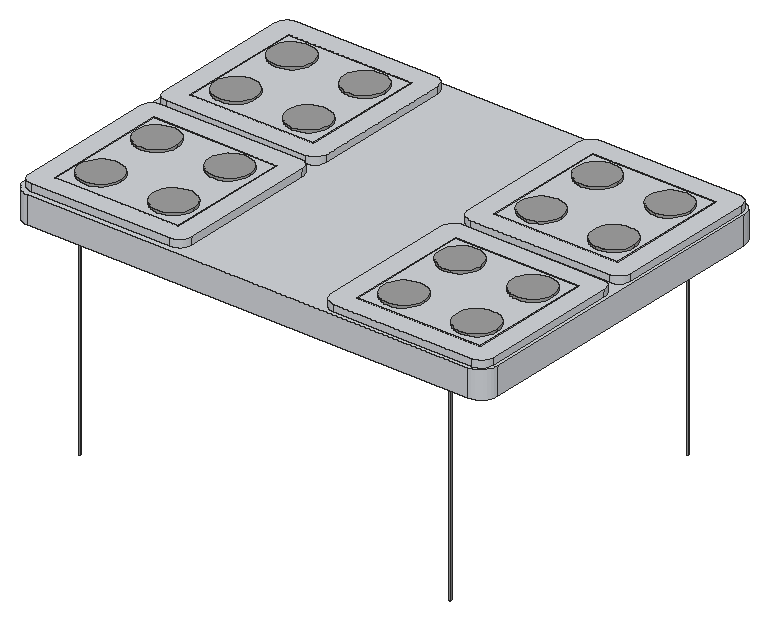
Revit family "LigULing-Industrial-GEWISS-SMART[4]UL_HIGHBAYS-LED_3M", category Apparecchi per illuminazione, Revit 2019
Family settings
  Quota connettore circolare = Usa diametro
  Tipo di parte = Normale
  Numero OmniClass = 23.80.70.00
  Titolo OmniClass = Lighting
  Basato su piano di lavoro = Sì
  Sempre verticale = No
  Taglio con vuoti quando caricato = No
  Sorgente d'illuminazione = No
  Condiviso = No
  Punto di calcolo locali = No
Parameters (values of type "GWS4420GP857 - SMART4HB 4M ST.AL.ON/OFF UL 90° 57K")
  Wiring = "Single wiring with anti-breathing cable exiting metallic PG (NO Connector)"
  Weight (kg): = "13,5"
  Warranty = "5 years"
  Voltaggio = 230 V
  Version file RFA = "20.11"
  Unique digital code (Datamatrix) = "Datamatrix"
  Unified Glare Rating = "UGR - 22"
  URL = "https://www.gewiss.com/ww/en"
  Type of light source = "LED - Not replaceable"
  Tilt- = "With bracket accessory"
  Technical sheet = "https://www.gewiss.com/ww/en/search?q=GWS4420GP857"
  System power = "256W"
  Supply voltage = "120-277 V"
  Stocking temperature = "-"
  Standards and approvals = "-"
  Standard- = "UL 1598 - CSA C22.2 No. 250.0-18"
  Standard Deviation Colour Matching = "SDCM = 3"
  Spostamento_y_etichetta [instance] = 0 mm
  Spostamento_y_effettivo_etichetta [instance] = 1500 mm - Spostamento_y_etichetta  # 1500 mm
  Spostamento_x_etichetta [instance] = 0 mm
  Spostamento_x_effettivo_etichetta [instance] = 1500 mm - Spostamento_x_etichetta  # 1500 mm
  Shock resistance = "IK08"
  Shield type = "Tempered glass Thickness 4mm"
  SEO = ""
  Realized by GEWISS S.p.A. = ""
  Rated frequency (Hz) = "50/60 Hz"
  Produttore = "GEWISS S.p.A."
  Photobiological Risk Class = "RG0"
  Overvoltage protection = "DM 6 kV / CM 10 kV"
  Optic and illuminating features = "-"
  Optic Maintenance = "Non-replaceable"
  Optic : = "Metallic PC reflector and PMMA lenses"
  Optic = "90°"
  Operating temperature : = "-25°C / +40 °C"
  Offset etichetta W [instance] = 150 mm
  Mouting and installation = "Ceiling - Wallmounting - Suspension"
  Model = "GWS4420GP857"
  Maximum surface exposed to the wind : = "0,350 m²"
  Materials = "-"
  Luminaire = "LED Industrial Reflector "
  Lumen output (lm) = "36000"
  Locking Hook = "-"
  Lifetime = "L90B10 (Tq+25°C) = 100.000 h - L90B10 (Tq+40°C) = 50.000 h"
  Lampada = "LED"
  LED Maintenance = "Non-replaceable"
  Insulation class = "I"
  Installationa and maintenance = "-"
  Immagine tipo = GWL1371.jpg
  IPEA = "-"
  IP degree = "IP66"
  IFC.TypeObject = ""
  IFC.ExportType = ""
  IFC.ExportAs = ""
  IDT = "b0b42d5fdd5540d79fb39250799e6b93"
  IDF = "1ac62613-06c3-487e-9fc2-fae050b9d5e3"
  Glow Wire Test : = "850 °C"
  General information = "-"
  Gasket = "anti-aging silicone"
  Fixing = "-"
  External screw = "Stainless steel"
  Etichetta wattaggio [instance] = yes
  Spessore plafoniera = 40 mm  # constant formula
  Default Elevation = 1219.2 mm
  Proiettsmart4_simb [instance] = yes
  Plafoniera_bidimensionale [instance] = not(Proiettsmart4_simb)  # no
  Eletrical and lighting features = "-"
  Electrocod = "2444"
  Efficiency (lm/W) = "141"
  Driver Box = "Built-in"
  Driver = "Included"
  Device with reduced surface temperature = "Yes"
  Description = "SMART[4]HB 4M ST.AL.ON/OFF UL 90° 57K"
  DIN 18032-3 certification = "-"
  Control System : = "ON / OFF"
  Control System = "ON / OFF"
  Context = "Logistics and industrial manufacturing lighting"
  Commenti sul wattaggio = "194W"
  Colour temperature = "5700K"
  Colour : = "Grey RAL 7035"
  Colour = "Grey RAL 7035"
  Color Rendering Index = "CRI-80"
  Classificazione = Lighting
  Classification: = "-"
  Catalogue = "LIGHTING"
  Carico apparente = 194 VA
  Lunghezza = 700 mm  # constant formula
  Larghezza = 504 mm  # constant formula
  Distanza_tot_plafoniera [instance] = 300 mm
  Distanza Sorg_Lum = 21.458 mm
  COBie.Tagnumber = ""
  COBie.CreatedOn = ""
  COBie.CreatebBy = ""
  COBie.ComponentRegisterItemID = ""
  COBie.Component.TagNumber = ""
  COBie.Component.Space = ""
  COBie.Component.SerialNumber = ""
  COBie.Component.InstallationDate = ""
  COBie.Component.Description = ""
  COBie.Component.BarCode = ""
  Body = "PA6 \"Halogen Free\" loaded fibreglass"
  Application = "Internal"
Types (6, lengths in mm): name | Unified Glare Rating | Technical sheet | SEO | Optic : | Optic | Model | Lumen output (lm) | IDT | Efficiency (lm/W) | Description | Colour temperature
  GWS4420GH840 - SMART4HB 4M ST.AL.ON/OFF UL 60° 40K | "UGR - 22" | "https://www.gewiss.com/ww/en/search?q=GWS4420GH840" | "" | "Metallic PC reflector and PMMA lenses" | "60°" | "GWS4420GH840" | "35300" | "a623bb038b0344dd8fb784aa6df61660" | "138" | "SMART[4]HB 4M ST.AL.ON/OFF UL 60° 40K" | "4000K"
  GWS4420GH857 - SMART4HB 4M ST.AL.ON/OFF UL 60° 57K | "UGR - 22" | "https://www.gewiss.com/ww/en/search?q=GWS4420GH857" | "" | "Metallic PC reflector and PMMA lenses" | "60°" | "GWS4420GH857" | "35300" | "25e4b584b9a8453c8d3dd922a673cab8" | "138" | "SMART[4]HB 4M ST.AL.ON/OFF UL 60° 57K" | "5700K"
  GWS4420GP840 - SMART4HB 4M ST.AL.ON/OFF UL 90° 40K | "UGR - 22" | "https://www.gewiss.com/ww/en/search?q=GWS4420GP840" | "" | "Metallic PC reflector and PMMA lenses" | "90°" | "GWS4420GP840" | "36000" | "4c9b2ddab3b940d09dd93bac6e30a8fa" | "141" | "SMART[4]HB 4M ST.AL.ON/OFF UL 90° 40K" | "4000K"
  GWS4420GP857 - SMART4HB 4M ST.AL.ON/OFF UL 90° 57K | "UGR - 22" | "https://www.gewiss.com/ww/en/search?q=GWS4420GP857" | "" | "Metallic PC reflector and PMMA lenses" | "90°" | "GWS4420GP857" | "36000" | "b0b42d5fdd5540d79fb39250799e6b93" | "141" | "SMART[4]HB 4M ST.AL.ON/OFF UL 90° 57K" | "5700K"
  GWS4420GA840 - SMART4HB 4M ST.AL.ON/OFF UL ARR.40K | "UGR - 25" | "https://www.gewiss.com/ww/en/search?q=GWS4420GA840" | "High bay" | "Metallized polycarbonate reflector" | "Array" | "GWS4420GA840" | "35400" | "d11583d618bc4c40931d6c3b05fafe98" | "138" | "SMART[4]HB 4M ST.AL.ON/OFF UL ARR.40K" | "4000K"
  GWS4420GA857 - SMART4HB 4M ST.AL.ON/OFF UL ARR.57K | "UGR - 25" | "https://www.gewiss.com/ww/en/search?q=GWS4420GA857" | "High bay" | "Metallized polycarbonate reflector" | "Array" | "GWS4420GA857" | "35400" | "3eaf118947c64f25a66f29e0a89b0b9a" | "138" | "SMART[4]HB 4M ST.AL.ON/OFF UL ARR.57K" | "5700K"
Reference planes
  plane 1 "Asse sorgente illuminazione (F/B)": y = 0
  plane 2 "2": z = 0
  plane 3 "Asse sorgente illuminazione (L/R)": x = 0
  plane 4 "Prospetto sorgente di illuminazione": z = 1500
  plane 5: x = -350
  plane 6: y = 252
  plane 7: x = 350
  plane 8: y = -252
  plane 9: x = 345
  plane 10: x = -345
  plane 11: x = -104.5
  plane 12: x = 104.5
  plane 13: y = 0
  plane 14: y = -1500
  plane 15: z = 300
  plane 16: z = 340
  plane 17: z = 350
  plane 18: x = -1500
  plane 19: x = 0
  plane 20: y = 0
Dimensions and locks
  equal spacing: plane 6, plane 1 "Asse sorgente illuminazione (F/B)", plane 8
  "Larghezza": plane 6 to plane 8
  equal spacing: plane 5, plane 3 "Asse sorgente illuminazione (L/R)", plane 7
  "Lunghezza": plane 5 to plane 7
  locked: plane 5 to plane 10 at 5
  locked: plane 9 to plane 7 at 5
  locked: plane 16 to plane 15 at 40
  plane 17 to plane 16 = 10 mm
  "Distanza_tot_plafoniera": plane 15 to plane 2 "2"
  plane 18 to plane 3 "Asse sorgente illuminazione (L/R)" = 1500 mm
  plane 1 "Asse sorgente illuminazione (F/B)" to plane 14 = 1500 mm
  "Spostamento_y_effettivo_etichetta": plane 20 to plane 14
  "Spostamento_x_effettivo_etichetta": plane 18 to plane 19
  aligned and locked: level to plane 2 "2"
  aligned and locked: plane 5 to nested 1
  aligned and locked: plane 6 to nested 1
  aligned and locked: plane 9 to nested 2  (x2)
  aligned and locked: plane 10 to nested 12
  aligned and locked: nested 1 to plane 15
  aligned and locked: nested 17 to plane 16
  aligned and locked: plane 16 to nested 12
  aligned and locked: plane 16 to nested 7
  aligned and locked: nested 2 to plane 16
  aligned and locked: plane 17 to nested 19
  aligned and locked: nested 21 to plane 17
  aligned and locked: plane 17 to nested 16
  aligned and locked: nested 14 to plane 17
  aligned and locked: plane 17 to nested 18
  aligned and locked: nested 20 to plane 17
  aligned and locked: plane 17 to nested 15
  aligned and locked: nested 13 to plane 17
  aligned and locked: nested 8 to plane 17
  aligned and locked: plane 17 to nested 10
  aligned and locked: nested 5 to plane 17
  aligned and locked: plane 17 to nested 3
  aligned and locked: nested 9 to plane 17
  aligned and locked: plane 17 to nested 11
  aligned and locked: nested 6 to plane 17
  aligned and locked: plane 17 to nested 4
  aligned and locked: nested 22 to plane 2 "2"
  aligned and locked: nested 23 to plane 2 "2"
  aligned and locked: nested 24 to plane 2 "2"
  aligned and locked: nested 25 to plane 2 "2"
  aligned and locked: nested 28 to plane 20
  aligned and locked: nested 28 to plane 19
Nested families
  nested 1: "Struttura_SMART 4" at (0, 0, 340), type "SMART 4 HB - 4 x 4L"
  nested 2: "mascherina_SMART (4)" at (225, 127, 350), type "Maschera_smart (4) 4L", detail levels fine
  nested 3: "Gewis - Led" at (172.217, 179, 353), type "Gewis - Led", detail levels medium+fine
  nested 4: "Gewis - Led" at (280, 179, 353), type "Gewis - Led", detail levels medium+fine
  nested 5: "Gewis - Led" at (172.217, 75, 353), type "Gewis - Led", detail levels medium+fine
  nested 6: "Gewis - Led" at (280, 75, 353), type "Gewis - Led", detail levels medium+fine
  nested 7: "mascherina_SMART (4)" at (225, -127, 350), type "Maschera_smart (4) 4L", detail levels fine
  nested 8: "Gewis - Led" at (172.217, -179, 353), type "Gewis - Led", detail levels medium+fine
  nested 9: "Gewis - Led" at (280, -179, 353), type "Gewis - Led", detail levels medium+fine
  nested 10: "Gewis - Led" at (172.217, -75, 353), type "Gewis - Led", detail levels medium+fine
  nested 11: "Gewis - Led" at (280, -75, 353), type "Gewis - Led", detail levels medium+fine
  nested 12: "mascherina_SMART (4)" at (-225, 127, 350) x (-1, 0, 0) z (0, 0, 1), type "Maschera_smart (4) 4L", detail levels fine
  nested 13: "Gewis - Led" at (-172.217, 179, 353) x (-1, 0, 0) z (0, 0, 1), type "Gewis - Led", detail levels medium+fine
  nested 14: "Gewis - Led" at (-280, 179, 353) x (-1, 0, 0) z (0, 0, 1), type "Gewis - Led", detail levels medium+fine
  nested 15: "Gewis - Led" at (-172.217, 75, 353) x (-1, 0, 0) z (0, 0, 1), type "Gewis - Led", detail levels medium+fine
  nested 16: "Gewis - Led" at (-280, 75, 353) x (-1, 0, 0) z (0, 0, 1), type "Gewis - Led", detail levels medium+fine
  nested 17: "mascherina_SMART (4)" at (-225, -123, 350) x (-1, 0, 0) z (0, 0, 1), type "Maschera_smart (4) 4L", detail levels fine
  nested 18: "Gewis - Led" at (-172.217, -175, 353) x (-1, 0, 0) z (0, 0, 1), type "Gewis - Led", detail levels medium+fine
  nested 19: "Gewis - Led" at (-280, -175, 353) x (-1, 0, 0) z (0, 0, 1), type "Gewis - Led", detail levels medium+fine
  nested 20: "Gewis - Led" at (-172.217, -71, 353) x (-1, 0, 0) z (0, 0, 1), type "Gewis - Led", detail levels medium+fine
  nested 21: "Gewis - Led" at (-280, -71, 353) x (-1, 0, 0) z (0, 0, 1), type "Gewis - Led", detail levels medium+fine
  nested 22: "Sospensione_ SMART LAB 4" at (274.338, -220.687, 0), Altezza sospensione <- "Distanza_tot_plafoniera", type "Sospensione_ SMART LAB 4"
    with Altezza sospensione 300 mm
  nested 23: "Sospensione_ SMART LAB 4" at (274.338, 219.313, 0), Altezza sospensione <- "Distanza_tot_plafoniera", type "Sospensione_ SMART LAB 4"
    with Altezza sospensione 300 mm
  nested 24: "Sospensione_ SMART LAB 4" at (-274.338, -220.687, 0), Altezza sospensione <- "Distanza_tot_plafoniera", type "Sospensione_ SMART LAB 4"
    with Altezza sospensione 300 mm
  nested 25: "Sospensione_ SMART LAB 4" at (-274.338, 219.313, 0), Altezza sospensione <- "Distanza_tot_plafoniera", type "Sospensione_ SMART LAB 4"
    with Altezza sospensione 300 mm
  nested 26: "Rappr_ bidimensionale" at (0, 0, 0), visible <- "Plafoniera_bidimensionale", type "4 X4 LED"
  nested 27: "PROIETTSMART - 4" at (0, 0, 0), visible <- "Proiettsmart4_simb", type "PROIETTSMART - 4"
  nested 28: "ETICHETTA LIGHT" at (0, 0, 0), type "ETICHETTA LIGHT"
Connectors
  electrical at (0.009, -0.098, 300), driven by "Classificazione", driven by "Carico apparente"
    settings: on nested 1, index 1, voltage 230 V, apparent load 0 VA, apparent load phase1 194 VA, apparent load phase2 0 VA, apparent load phase3 0 VA, power factor 1, load classification "Lighting", number of poles 2, system type 31, power factor state 1, is connector primary yes, connector utility no, sub classification motor no, connector description ""
Definition of nested family "Struttura_SMART 4"
  Parameters (values of type "SMART 4 HB - 4 x 4L")
    Struttura plafoniera = none
    Spessore_plafoniera = 40 mm
    Lunghezza = 700 mm
    Larghezza = 504 mm
  Types (2, lengths in mm): name | Lunghezza | Larghezza
    SMART 4 HB - 4+4L | 699 | 254
    SMART 4 HB - 4 x 4L | 700 | 504
  Reference planes
    plane 1 "Asse sorgente illuminazione (F/B)": y = 0
    plane 2: z = 0
    plane 3 "Asse sorgente illuminazione (L/R)": x = 0
    plane 4 "Prospetto sorgente di illuminazione": z = -40
    plane 5 "SX": x = -350
    plane 6 "DX": x = 350
    plane 7 "DIETRO": y = 252
    plane 8 "AVANTI": y = -252
    plane 9: x = 107
    plane 10: x = 339
    plane 11: y = -241
    plane 12: y = 241
    plane 13: x = -339
    plane 14: x = -107
  Forms (mm)
    Extrusion 1, solid, material <- "Struttura plafoniera"
      sketch origin (0, 0, 0) x (1, 0, 0) y (0, 1, 0)
        loop
          line (350, -227.595) -> (350, 227.59)
          arc (350, 227.59) -> (342.85, 244.85) -> (325.59, 252) r 24.41
          line (325.59, 252) -> (-325.509, 252)
          arc (-325.509, 252) -> (-343.054, 244.6) -> (-350, 226.871) r 24.499
          line (-350, 226.871) -> (-350, -227.592)
          arc (-350, -227.592) -> (-342.851, -244.851) -> (-325.592, -252) r 24.408
          line (-325.592, -252) -> (325.617, -252)
          arc (325.617, -252) -> (342.834, -244.868) -> (349.965, -227.652) r 24.348
      from -40 to 0
  Dimensions and locks
    equal spacing: plane 5 "SX", plane 3 "Asse sorgente illuminazione (L/R)", plane 6 "DX"
    equal spacing: plane 7 "DIETRO", plane 1 "Asse sorgente illuminazione (F/B)", plane 8 "AVANTI"
    "Lunghezza": plane 5 "SX" to plane 6 "DX"
    "Larghezza": plane 7 "DIETRO" to plane 8 "AVANTI"
    locked: plane 7 "DIETRO" to plane 12 at 11
    locked: plane 11 to plane 8 "AVANTI" at 11
    locked: plane 10 to plane 6 "DX" at 11
    locked: plane 9 to plane 10 at 232
    plane 13 to plane 14 = 232 mm
    locked: plane 5 "SX" to plane 13 at 11
    "Spessore_plafoniera": plane 2 to plane 4 "Prospetto sorgente di illuminazione"
    aligned and locked: level to plane 2
    aligned and locked: Extrusion 1 to plane 5 "SX"
    aligned and locked: Extrusion 1 to plane 8 "AVANTI"  (x2)
    aligned and locked: plane 7 "DIETRO" to Extrusion 1
    aligned and locked: plane 6 "DX" to Extrusion 1
    aligned and locked: plane 4 "Prospetto sorgente di illuminazione" to Extrusion 1
    aligned and locked: plane 2 to Extrusion 1
  Automatic sketch dimensions
    Extrusion 1 sketch curve to plane 5 "SX" = 0 mm
    Extrusion 1 sketch curve to plane 8 "AVANTI" = 0 mm
    Extrusion 1 sketch curve to plane 7 "DIETRO" = 0 mm
    Extrusion 1 sketch curve to plane 6 "DX" = 0 mm
    plane 13 to Extrusion 1 sketch curve = 13.408 mm
    plane 13 to Extrusion 1 sketch curve = 13.491 mm
    Extrusion 1 sketch curve to plane 10 = 13.41 mm
    Extrusion 1 sketch curve to plane 10 = 13.383 mm
    plane 11 to Extrusion 1 sketch curve = 13.348 mm
    Extrusion 1 sketch curve to plane 12 = 14.129 mm
    Extrusion 1 sketch curve to Extrusion 1 sketch curve = 0.056 mm
Definition of nested family "mascherina_SMART (4)"
  Parameters (values of type "Maschera_smart (4) 4L")
    Spessore_mascherina = 10 mm
    Default Elevation = 1219.2 mm
    N.intarsi = (Lunghezza_mascherina - (Bordo * 2)) / 15 mm  # 12
    N._intarsi verticale = (Larghezza_mascherina - (Bordo * 2)) / 17 mm  # 11
    Mascherina = none
    Lunghezza_mascherina = 240 mm
    Larghezza_mascherina = 240 mm
    Distanza_intarsi v. = 41 mm  # constant formula
    Distanza_intarsi = 37 mm  # constant formula
    Bordo = 29 mm
  Reference planes
    plane 1 "Centro (Fronte/Retro)": y = 0
    plane 2: z = 0
    plane 3 "Centro (Sinistra/Destra)": x = 0
    plane 4: x = -120
    plane 5 "Dietro": y = 120
    plane 6: x = 120
    plane 7: y = -120
    plane 8: x = -91
    plane 9: y = -91
    plane 10: x = 91
    plane 11: y = 91
    plane 12: x = -83
    plane 13: y = 94.742
    plane 14: y = -95
    plane 15: z = -10
    plane 16: x = -95
    plane 17: y = 79
    plane 18: y = -79
    plane 19: x = 95
    plane 20: z = -4.799
  Forms (mm)
    Extrusion 1, solid, material <- "Mascherina"
      sketch origin (0, 0, 0) x (1, 0, 0) y (0, 1, 0)
        loop
          arc (-102.5, 120) -> (-114.874, 114.874) -> (-120, 102.5) r 17.5
          line (-120, 102.5) -> (-120, -102.5)
          arc (-120, -102.5) -> (-114.874, -114.874) -> (-102.5, -120) r 17.5
          line (-102.5, -120) -> (102.5, -120)
          arc (102.5, -120) -> (114.874, -114.874) -> (120, -102.5) r 17.5
          line (120, -102.5) -> (120, 102.5)
          arc (120, 102.5) -> (114.874, 114.874) -> (102.5, 120) r 17.5
          line (102.5, 120) -> (-102.5, 120)
        loop
          line (-91, 91) -> (-91, -91) -> (91, -91) -> (91, 91) -> (-91, 91)
      from -10 to 0
    Extrusion 2, solid, material <- "Mascherina"
      sketch origin (0, 0, 0) x (1, 0, 0) y (0, 1, 0)
        loop
          line (-91, 91) -> (-91, -91) -> (91, -91) -> (91, 91) -> (-91, 91)
      from -4.799 to 0
  Dimensions and locks
    equal spacing: plane 4, plane 3 "Centro (Sinistra/Destra)", plane 6
    "Lunghezza_mascherina": plane 4 to plane 6
    equal spacing: plane 5 "Dietro", plane 1 "Centro (Fronte/Retro)", plane 7
    "Larghezza_mascherina": plane 5 "Dietro" to plane 7
    "Bordo": plane 4 to plane 8
    "Bordo": plane 9 to plane 7
    "Bordo": plane 5 "Dietro" to plane 11
    "Bordo": plane 10 to plane 6
    "Distanza_intarsi": plane 4 to plane 12
    locked: plane 13 to plane 11 at 3.742
    "Spessore_mascherina": plane 2 to plane 15
    "Distanza_intarsi v.": plane 5 "Dietro" to plane 17
    "Distanza_intarsi v.": plane 18 to plane 7
    locked: plane 9 to plane 14 at 4
    locked: plane 16 to plane 8 at 4
    locked: plane 10 to plane 19 at 4
    locked: plane 2 to plane 20 at 4.799
    radius of Extrusion 1 sketch curve = 17.5 mm  (x4)
    aligned and locked: level to plane 2
    aligned and locked: plane 4 to Extrusion 1 sketch curve
    aligned and locked: plane 6 to Extrusion 1 sketch curve
    aligned and locked: Extrusion 1 sketch curve to plane 5 "Dietro"
    aligned and locked: Extrusion 1 sketch curve to plane 7
    aligned and locked: Extrusion 1 sketch curve to plane 11
    aligned and locked: plane 8 to Extrusion 1 sketch curve
    aligned and locked: plane 9 to Extrusion 1 sketch curve
    aligned and locked: Extrusion 1 sketch curve to plane 10
    aligned and locked: plane 2 to Extrusion 1
    aligned and locked: Extrusion 1 to plane 15
    aligned and locked: Extrusion 2 sketch curve to plane 10
    aligned and locked: plane 9 to Extrusion 2 sketch curve
    aligned and locked: plane 8 to Extrusion 2 sketch curve
    aligned and locked: Extrusion 2 sketch curve to plane 11
    aligned and locked: plane 2 to Extrusion 2
    aligned and locked: Extrusion 2 to plane 20
Definition of nested family "Gewis - Led"
  Parameters (values of type "Gewis - Led")
    Vetro = none
    Raggio led = 30 mm
    Default Elevation = 1219.2 mm
    Estensione vetro = 3 mm
  Reference planes
    plane 1 "Centro (Fronte/Retro)": y = 0
    plane 2: z = 0
    plane 3 "Centro (Sinistra/Destra)": x = 0
  Forms (mm)
    Extrusion 1, solid, material <- "Vetro"
      sketch origin (0, 0, 0) x (1, 0, 0) y (0, 1, 0)
        loop
          circle (0, 0) r 30
      from -3 to 0
  Dimensions and locks
    "Estensione vetro": level to Extrusion 1
    "Raggio led": radius of Extrusion 1 sketch curve
    aligned and locked: level to plane 2
    aligned and locked: level to Extrusion 1
  Automatic sketch dimensions
    plane 1 "Centro (Fronte/Retro)" to Extrusion 1 sketch curve = 0 mm
    Extrusion 1 sketch curve to plane 3 "Centro (Sinistra/Destra)" = 0 mm
Definition of nested family "Sospensione_ SMART LAB 4"
  Parameters (values of type "Sospensione_ SMART LAB 4")
    Default Elevation = 1219.2 mm
    Altezza sospensione [instance] = 500 mm
  Reference planes
    plane 1 "Center (Front/Back)": y = 0
    plane 2: z = 0
    plane 3 "Center (Left/Right)": x = 0
    plane 4: z = 500
  Forms (mm)
    Extrusion 1, solid
      sketch origin (0, 0, 0) x (1, 0, 0) y (0, 1, 0)
        loop
          circle (0, -0.028) r 1.25
      from 0 to 500
  Lines and regions (mm)
    model lines, not visible
      curve 1: line (0, 0, 0) -> (0, 0, 9.482)
  Dimensions and locks
    "Altezza sospensione": plane 4 to level
    plane 4 to plane 2 = 500 mm
    aligned and locked: level to plane 2
    aligned and locked: plane 4 to Extrusion 1
    aligned and locked: Extrusion 1 to plane 2
  Automatic sketch dimensions
    Extrusion 1 sketch curve to plane 3 "Center (Left/Right)" = 0 mm
    plane 1 "Center (Front/Back)" to Extrusion 1 sketch curve = 0.028 mm
    curve 1 to plane 3 "Center (Left/Right)" = 0 mm
    curve 1 to level = 0 mm
    curve 1 to curve 1 = 9.482 mm
    radius of Extrusion 1 sketch curve = 1.25 mm
Definition of nested family "Rappr_ bidimensionale"
  Parameters (values of type "4 X4 LED")
    5 LED = no
    4 LED = not([5 LED])  # yes
  Reference planes
    plane 1 "Centro (Fronte/Retro)": y = 0
    plane 2: z = 0
    plane 3 "Centro (Sinistra/Destra)": x = 0
  Lines and regions (mm)
    model lines, in view "Livello rif.", visible <- "4 LED"
      curve 1: circle (176.124, 171.566, 0) r 28.619 normal (0, 0, 1)
      curve 2: circle (270.124, 77.566, 0) r 28.619 normal (0, 0, 1)
      curve 3: circle (176.124, 77.566, 0) r 28.619 normal (0, 0, 1)
      curve 4: circle (270.124, 171.566, 0) r 28.619 normal (0, 0, 1)
      curve 5: circle (-175.025, 77.434, 0) r 28.619 normal (0, 0, 1)
      curve 6: circle (-269.025, 171.434, 0) r 28.619 normal (0, 0, 1)
      curve 7: circle (-175.025, 171.434, 0) r 28.619 normal (0, 0, 1)
      curve 8: circle (-269.025, 77.434, 0) r 28.619 normal (0, 0, 1)
      curve 9: circle (-175.025, -171.611, 0) r 28.619 normal (0, 0, 1)
      curve 10: circle (-269.025, -77.611, 0) r 28.619 normal (0, 0, 1)
      curve 11: circle (-175.025, -77.611, 0) r 28.619 normal (0, 0, 1)
      curve 12: circle (-269.025, -171.611, 0) r 28.619 normal (0, 0, 1)
      curve 13: circle (176.124, -77.434, 0) r 28.619 normal (0, 0, 1)
      curve 14: circle (270.124, -171.434, 0) r 28.619 normal (0, 0, 1)
      curve 15: circle (176.124, -171.434, 0) r 28.619 normal (0, 0, 1)
      curve 16: circle (270.124, -77.434, 0) r 28.619 normal (0, 0, 1)
    model lines, in view "Livello rif."
      curve 17: arc (-326.07, 251.865, 0) -> (-342.562, 245.006, 0) -> (-349.39, 228.5, 0) r 23.365
      curve 18: arc (350.489, 228.546, 0) -> (343.613, 245.054, 0) -> (327.079, 251.865, 0) r 23.365
      curve 19: arc (327.098, -251.865, 0) -> (343.653, -245.015, 0) -> (350.489, -228.454, 0) r 23.365
      curve 20: arc (-349.39, -228.5, 0) -> (-342.555, -245.013, 0) -> (-326.05, -251.865, 0) r 23.365
      curve 21: arc (-102.728, -20.5, 0) -> (-107.214, -9.678, 0) -> (-118.041, -5.203, 0) r 15.297
      curve 22: arc (-118.041, 5.203, 0) -> (-107.214, 9.678, 0) -> (-102.728, 20.5, 0) r 15.297
      curve 23: arc (-118.041, -243.797, 0) -> (-107.214, -239.322, 0) -> (-102.728, -228.5, 0) r 15.297
      curve 24: arc (327.107, 5.203, 0) -> (337.947, 9.69, 0) -> (342.421, 20.535, 0) r 15.297
      curve 25: arc (103.827, 20.465, 0) -> (108.314, 9.677, 0) -> (119.107, 5.203, 0) r 15.297
      curve 26: arc (119.089, 243.797, 0) -> (108.308, 239.316, 0) -> (103.827, 228.535, 0) r 15.297
      curve 27: arc (342.421, 228.535, 0) -> (337.916, 239.341, 0) -> (327.089, 243.797, 0) r 15.297
      curve 28: arc (-341.321, 20.535, 0) -> (-336.859, 9.702, 0) -> (-326.041, 5.203, 0) r 15.297
      curve 29: arc (-326.059, 243.797, 0) -> (-336.865, 239.292, 0) -> (-341.321, 228.465, 0) r 15.297
      curve 30: arc (-102.728, 228.5, 0) -> (-107.22, 239.329, 0) -> (-118.059, 243.797, 0) r 15.297
      curve 31: arc (342.421, -20.465, 0) -> (337.922, -9.666, 0) -> (327.107, -5.203, 0) r 15.297
      curve 32: arc (327.107, -243.797, 0) -> (337.947, -239.31, 0) -> (342.421, -228.465, 0) r 15.297
      curve 33: arc (103.827, -228.535, 0) -> (108.314, -239.323, 0) -> (119.107, -243.797, 0) r 15.297
      curve 34: arc (119.107, -5.203, 0) -> (108.314, -9.677, 0) -> (103.827, -20.465, 0) r 15.297
      curve 35: arc (-341.321, -228.465, 0) -> (-336.859, -239.298, 0) -> (-326.041, -243.797, 0) r 15.297
      curve 36: arc (-326.041, -5.203, 0) -> (-336.859, -9.702, 0) -> (-341.321, -20.535, 0) r 15.297
      curve 37: line (130.624, 32, 0) -> (130.624, 217, 0)
      curve 38: line (130.624, 217, 0) -> (315.624, 217, 0)
      curve 39: line (315.624, 217, 0) -> (315.624, 32, 0)
      curve 40: line (315.624, 32, 0) -> (130.624, 32, 0)
      curve 41: line (-129.525, 32, 0) -> (-314.525, 32, 0)
      curve 42: line (-314.525, 32, 0) -> (-314.525, 217, 0)
      curve 43: line (-314.525, 217, 0) -> (-129.525, 217, 0)
      curve 44: line (-129.525, 217, 0) -> (-129.525, 32, 0)
      curve 45: line (-129.525, -217.045, 0) -> (-314.525, -217.045, 0)
      curve 46: line (-314.525, -217.045, 0) -> (-314.525, -32.045, 0)
      curve 47: line (-314.525, -32.045, 0) -> (-129.525, -32.045, 0)
      curve 48: line (-129.525, -32.045, 0) -> (-129.525, -217.045, 0)
      curve 49: line (130.624, -217, 0) -> (130.624, -32, 0)
      curve 50: line (130.624, -32, 0) -> (315.624, -32, 0)
      curve 51: line (315.624, -32, 0) -> (315.624, -217, 0)
      curve 52: line (315.624, -217, 0) -> (130.624, -217, 0)
      curve 53: line (-349.39, 228.5, 0) -> (-349.39, -228.5, 0)
      curve 54: line (327.079, 251.865, 0) -> (-326.07, 251.865, 0)
      curve 55: line (350.489, -228.454, 0) -> (350.489, 228.546, 0)
      curve 56: line (327.098, -251.865, 0) -> (-326.05, -251.865, 0)
      curve 57: line (-102.728, -228.5, 0) -> (-102.728, -20.5, 0)
      curve 58: line (-326.041, -5.203, 0) -> (-118.041, -5.203, 0)
      curve 59: line (-102.728, 20.5, 0) -> (-102.728, 228.5, 0)
      curve 60: line (-326.041, 5.203, 0) -> (-118.041, 5.203, 0)
      curve 61: line (119.107, 5.203, 0) -> (327.107, 5.203, 0)
      curve 62: line (103.827, 20.465, 0) -> (103.827, 228.535, 0)
      curve 63: line (119.089, 243.797, 0) -> (327.089, 243.797, 0)
      curve 64: line (342.421, 20.535, 0) -> (342.421, 228.535, 0)
      curve 65: line (-341.321, 20.535, 0) -> (-341.321, 228.465, 0)
      curve 66: line (-326.059, 243.797, 0) -> (-118.059, 243.797, 0)
      curve 67: line (119.107, -5.203, 0) -> (327.107, -5.203, 0)
      curve 68: line (342.421, -228.465, 0) -> (342.421, -20.465, 0)
      curve 69: line (119.107, -243.797, 0) -> (327.107, -243.797, 0)
      curve 70: line (103.827, -228.535, 0) -> (103.827, -20.465, 0)
      curve 71: line (-326.041, -243.797, 0) -> (-118.041, -243.797, 0)
      curve 72: line (-341.321, -228.465, 0) -> (-341.321, -20.535, 0)
    detail lines, in view "Livello rif.", visible <- "5 LED"
      curve 73: circle (-223.979, 122.48, 0) r 28.619 normal (0, 0, 1)
      curve 74: circle (-175.025, 77.434, 0) r 28.619 normal (0, 0, 1)
      curve 75: circle (-269.025, 171.434, 0) r 28.619 normal (0, 0, 1)
      curve 76: circle (-175.025, 171.434, 0) r 28.619 normal (0, 0, 1)
      curve 77: circle (-269.025, 77.434, 0) r 28.619 normal (0, 0, 1)
      curve 78: circle (176.124, 171.566, 0) r 28.619 normal (0, 0, 1)
      curve 79: circle (270.124, 77.566, 0) r 28.619 normal (0, 0, 1)
      curve 80: circle (176.124, 77.566, 0) r 28.619 normal (0, 0, 1)
      curve 81: circle (270.124, 171.566, 0) r 28.619 normal (0, 0, 1)
      curve 82: circle (-175.025, -171.611, 0) r 28.619 normal (0, 0, 1)
      curve 83: circle (-269.025, -77.611, 0) r 28.619 normal (0, 0, 1)
      curve 84: circle (-175.025, -77.611, 0) r 28.619 normal (0, 0, 1)
      curve 85: circle (-269.025, -171.611, 0) r 28.619 normal (0, 0, 1)
      curve 86: circle (176.124, -77.434, 0) r 28.619 normal (0, 0, 1)
      curve 87: circle (270.124, -171.434, 0) r 28.619 normal (0, 0, 1)
      curve 88: circle (176.124, -171.434, 0) r 28.619 normal (0, 0, 1)
      curve 89: circle (270.124, -77.434, 0) r 28.619 normal (0, 0, 1)
      curve 90: circle (-221.479, -125.02, 0) r 28.619 normal (0, 0, 1)
      curve 91: circle (221.694, -125.02, 0) r 28.619 normal (0, 0, 1)
      curve 92: circle (221.694, 124.956, 0) r 28.619 normal (0, 0, 1)
Definition of nested family "PROIETTSMART - 4"
  Reference planes
    plane 1 "Centro (Fronte/Retro)": y = 0
    plane 2: z = 0
    plane 3 "Centro (Sinistra/Destra)": x = 0
  Lines and regions (mm)
    model lines, in view "Livello rif."
      curve 1: line (134.982, -122.65, 0) -> (68.521, -89.561, 0)
      curve 2: line (68.521, -89.561, 0) -> (134.982, -56.075, 0)
      curve 3: line (134.982, -56.075, 0) -> (134.982, -122.65, 0)
      curve 4: line (68.521, -56.274, 0) -> (68.521, -122.849, 0)
      curve 5: line (68.521, -89.561, 0) -> (29.658, -89.561, 0)
      curve 6: line (134.982, -89.362, 0) -> (163.679, -89.362, 0)
      curve 7: line (198.934, -192.237, 0) -> (-201.066, -192.237, 0)
      curve 8: line (19.872, -13.139, 0) -> (172.718, -13.139, 0)
      curve 9: line (172.718, -13.139, 0) -> (172.718, -165.984, 0)
      curve 10: line (172.718, -165.984, 0) -> (19.872, -165.984, 0)
      curve 11: line (19.872, -165.984, 0) -> (19.872, -13.139, 0)
      curve 12: line (-59.74, -122.65, 0) -> (-126.201, -89.561, 0)
      curve 13: line (-126.201, -89.561, 0) -> (-59.74, -56.075, 0)
      curve 14: line (-59.74, -56.075, 0) -> (-59.74, -122.65, 0)
      curve 15: line (-126.201, -56.274, 0) -> (-126.201, -122.849, 0)
      curve 16: line (-126.201, -89.561, 0) -> (-165.064, -89.561, 0)
      curve 17: line (-59.74, -89.362, 0) -> (-31.043, -89.362, 0)
      curve 18: line (-174.85, -13.139, 0) -> (-22.005, -13.139, 0)
      curve 19: line (-22.005, -13.139, 0) -> (-22.005, -165.984, 0)
      curve 20: line (-22.005, -165.984, 0) -> (-174.85, -165.984, 0)
      curve 21: line (-174.85, -165.984, 0) -> (-174.85, -13.139, 0)
      curve 22: line (134.982, 56.449, 0) -> (68.521, 89.537, 0)
      curve 23: line (68.521, 89.537, 0) -> (134.982, 123.023, 0)
      curve 24: line (134.982, 123.023, 0) -> (134.982, 56.449, 0)
      curve 25: line (68.521, 122.824, 0) -> (68.521, 56.25, 0)
      curve 26: line (68.521, 89.537, 0) -> (29.658, 89.537, 0)
      curve 27: line (134.982, 89.736, 0) -> (163.679, 89.736, 0)
      curve 28: line (19.872, 165.96, 0) -> (172.718, 165.96, 0)
      curve 29: line (172.718, 165.96, 0) -> (172.718, 13.114, 0)
      curve 30: line (172.718, 13.114, 0) -> (19.872, 13.114, 0)
      curve 31: line (19.872, 13.114, 0) -> (19.872, 165.96, 0)
      curve 32: line (198.934, -192.237, 0) -> (198.934, 192.237, 0)
      curve 33: line (198.934, 192.237, 0) -> (-201.066, 192.237, 0)
      curve 34: line (-201.066, 192.237, 0) -> (-201.066, -192.237, 0)
      curve 35: line (-59.74, 56.449, 0) -> (-126.201, 89.537, 0)
      curve 36: line (-126.201, 89.537, 0) -> (-59.74, 123.023, 0)
      curve 37: line (-59.74, 123.023, 0) -> (-59.74, 56.449, 0)
      curve 38: line (-126.201, 122.824, 0) -> (-126.201, 56.25, 0)
      curve 39: line (-126.201, 89.537, 0) -> (-165.064, 89.537, 0)
      curve 40: line (-59.74, 89.736, 0) -> (-31.043, 89.736, 0)
      curve 41: line (-174.85, 165.96, 0) -> (-22.005, 165.96, 0)
      curve 42: line (-22.005, 165.96, 0) -> (-22.005, 13.114, 0)
      curve 43: line (-22.005, 13.114, 0) -> (-174.85, 13.114, 0)
      curve 44: line (-174.85, 13.114, 0) -> (-174.85, 165.96, 0)
Definition of nested family "ETICHETTA LIGHT"
  Parameters (values of type "ETICHETTA LIGHT")
    COMMENTI = "236W"
  Reference planes
    plane 1: y = 0
    plane 2: x = 0
  Text (mm)
    label "COMMENTI" at (-0.057, 0.105, 0), shows "COMMENTI"
